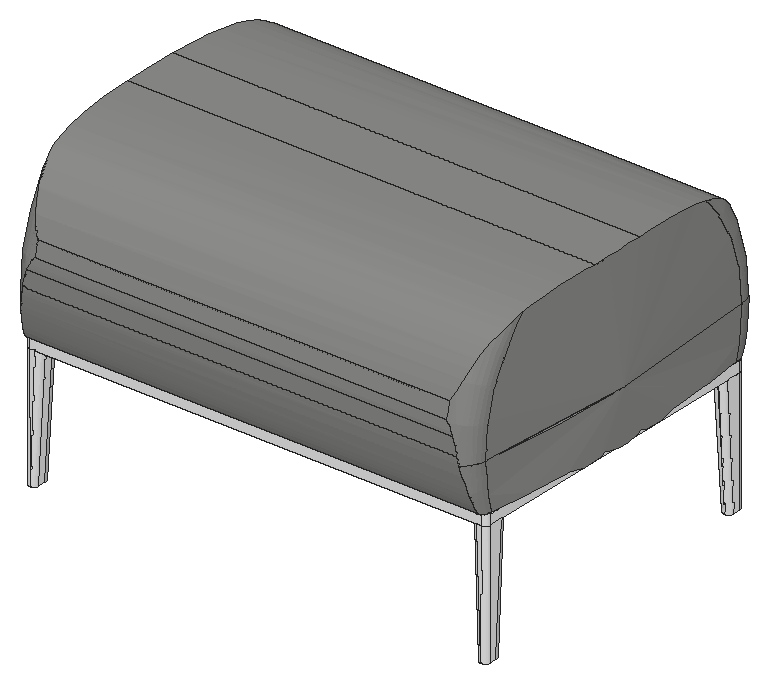
Revit family "Seating-Ottoman-Teknion-BBJR_Jean_Residential-R2013", category Furniture, Revit 2014
Parameters (values of type "Ottoman")
  Width = 2' - 4.127"
  Warranty = "http://www.teknionstudio.com/pdfs/Teknion%20Studio%20Warranty.pdf"
  URL = "http://www.teknionstudio.com"
  Series = "B&B Italia"
  Seat Upholstery Finish [instance] = Fabric - Teknion - V312 - Velvet Underground - Factory Grey
  Product Page URL = "http://teknionstudio.com/jean/"
  Product Line = "Jean Residential"
  Product Documentation Link = "http://www.teknionstudio.com/pricing/BBJR_ppg.pdf"
  Part Number = "BBJR"
  Model = "BBJRB"
  Manufacturer Phone = "919-464-2920"
  Manufacturer Fax = "919-464-2927"
  Manufacturer Email = "customersupport@teknionstudio.com"
  Manufacturer Address = "3953 US 70 Business HWY West, Clayton, NC 27520"
  Manufacturer = "StudioTK"
  Low Emitting Material = yes
  Low Emitting Finish = yes
  Height = 1' - 6.5215"
  Description = "Jean Residential, Ottoman"
  Depth = 1' - 7.642"
  Assembly Code = "E2020200"
Reference planes (in)
  plane 1 "Center F/B": y = 0
  plane 2: z = 0
  plane 3 "Center L/R": x = 0
  plane 4 "Left": x = -14.0635
  plane 5 "Right": x = 14.0635
  plane 6 "Back": y = 9.821
  plane 7 "Front": y = -9.821
  plane 8 "Top": z = 18.5215
  plane 9: z = 8.19
  plane 10: z = 11.19
Forms (in)
  Sweep 1, solid, material "Fabric - Teknion - V312 - Velvet Underground - Factory Grey" <- "Seat Upholstery Finish"
    path origin (0, 0, 0) x (1, 0, 0) y (0, 1, 0)
      loop
        line (-15.7435, 0) -> (15.7435, 0)
    profile origin (0, 0, 0) x (0, 1, 0) y (0, 0, 1)
      loop
        spline (-1.75, 18.5215) -> (-3.66724, 18.48385) -> (-5.24715, 18.36803) -> (-6.53391, 18.16975) -> (-7.57172, 17.88472) -> (-8.4048, 17.50865) -> (-9.07733, 17.03725) -> (-9.63352, 16.46622) -> (-10.11091, 15.79549) -> (-10.50838, 15.04937) -> (-10.81092, 14.26099) -> (-11.00347, 13.46349) -> (-11.071, 12.69)
        line (-11.071, 12.69) -> (-11.071, 11.69)
        spline (-11.071, 11.69) -> (-11.05152, 11.37109) -> (-10.99783, 11.00233) -> (-10.91708, 10.60198) -> (-10.81642, 10.18832) -> (-10.703, 9.77961) -> (-10.58396, 9.39411) -> (-10.46574, 9.04923) -> (-10.34839, 8.75464) -> (-10.2286, 8.5159) -> (-10.10301, 8.33853) -> (-9.96826, 8.22805) -> (-9.821, 8.19)
        line (-9.821, 8.19) -> (9.821, 8.19)
        spline (9.821, 8.19) -> (9.96826, 8.22805) -> (10.10301, 8.33853) -> (10.2286, 8.5159) -> (10.34839, 8.75464) -> (10.46574, 9.04923) -> (10.58396, 9.39411) -> (10.703, 9.77961) -> (10.81642, 10.18832) -> (10.91708, 10.60198) -> (10.99783, 11.00233) -> (11.05152, 11.37109) -> (11.071, 11.69)
        line (11.071, 11.69) -> (11.071, 12.69)
        spline (11.071, 12.69) -> (11.00347, 13.46349) -> (10.81092, 14.26099) -> (10.50838, 15.04937) -> (10.11091, 15.79549) -> (9.63352, 16.46622) -> (9.07733, 17.03725) -> (8.4048, 17.50865) -> (7.57172, 17.88472) -> (6.53391, 18.16975) -> (5.24715, 18.36803) -> (3.66724, 18.48385) -> (1.75, 18.5215)
        line (1.75, 18.5215) -> (-1.75, 18.5215)
  Revolve 2, void
    sketch origin (-22.53491, -180, 11.19) x (-1, 0, 0) y (0, -1, 0)
      loop
        arc (-8.47141, -189.821) -> (-8.88563, -190.821) -> (-9.88563, -191.23521) r 1.41421
        line (-9.88563, -191.23521) -> (-35.1842, -191.23521)
        arc (-35.1842, -191.23521) -> (-36.1842, -190.821) -> (-36.59841, -189.821) r 1.41421
        arc (-36.59841, -189.821) -> (-37.10466, -184.92209) -> (-37.27368, -180) r 71.75597
        line (-37.27368, -180) -> (-39.59841, -180) -> (-39.59841, -192.821) -> (-5.47141, -192.821) -> (-5.47141, -180) -> (-7.79615, -180)
        arc (-7.79615, -180) -> (-7.96517, -184.92209) -> (-8.47141, -189.821) r 71.75597
      axis (-5.47141, -180) -> (-39.59841, -180)
    angle from 0 to 360
Cuts and joins
  Revolve 2 cuts Sweep 1
Lines and regions (in)
  Masking region 1
    outline origin (0, 0, 18.5215) x (-1, 0, 0) y (0, -1, 0)
      loop
        arc (12.9313, -11.00633) -> (13.6598, -10.73415) -> (14.03135, -10.05095) r 1.111
        arc (14.03135, -10.05095) -> (14.73876, 0) -> (14.03135, 10.05095) r 71.75597
        arc (14.03135, 10.05095) -> (13.6598, 10.73415) -> (12.9313, 11.00633) r 1.111
        line (12.9313, 11.00633) -> (-12.9313, 11.00633)
        arc (-12.9313, 11.00633) -> (-13.6598, 10.73415) -> (-14.03135, 10.05095) r 1.111
        arc (-14.03135, 10.05095) -> (-14.73876, 0) -> (-14.03135, -10.05095) r 71.75597
        arc (-14.03135, -10.05095) -> (-13.6598, -10.73415) -> (-12.9313, -11.00633) r 1.111
        line (-12.9313, -11.00633) -> (12.9313, -11.00633)
  symbolic lines, style "Hidden Lines", detail levels medium+fine
    curve 1: arc (-13.5298, 9.0887, 18.5215) -> (-13.61381, 8.87945, 18.5215) -> (-13.81919, 8.78639, 18.5215) r 0.3026
    curve 2: line (-13.5298, 9.5424, 18.5215) -> (-13.5298, 9.0887, 18.5215)
    curve 3: arc (-13.8324, 9.845, 18.5215) -> (-13.61843, 9.75637, 18.5215) -> (-13.5298, 9.5424, 18.5215) r 0.3026
    curve 4: arc (-13.81919, 8.78639, 18.5215) -> (-14.04165, 8.87011, 18.5215) -> (-14.135, 9.0887, 18.5215) r 0.3026
    curve 5: line (-14.135, 9.5424, 18.5215) -> (-14.135, -9.5424, 18.5215)
    curve 6: line (13.8324, 9.845, 18.5215) -> (-13.8324, 9.845, 18.5215)
    curve 7: arc (13.5298, 9.5424, 18.5215) -> (13.61843, 9.75637, 18.5215) -> (13.8324, 9.845, 18.5215) r 0.3026
    curve 8: line (13.5298, 9.0887, 18.5215) -> (13.5298, 9.5424, 18.5215)
    curve 9: arc (13.81919, 8.78639, 18.5215) -> (13.61381, 8.87945, 18.5215) -> (13.5298, 9.0887, 18.5215) r 0.3026
    curve 10: arc (14.135, 9.0887, 18.5215) -> (14.04165, 8.87011, 18.5215) -> (13.81919, 8.78639, 18.5215) r 0.3026
    curve 11: line (14.135, -9.5424, 18.5215) -> (14.135, 9.5424, 18.5215)
    curve 12: arc (13.81919, -8.78639, 18.5215) -> (14.04165, -8.87011, 18.5215) -> (14.135, -9.0887, 18.5215) r 0.3026
    curve 13: arc (13.5298, -9.0887, 18.5215) -> (13.61381, -8.87945, 18.5215) -> (13.81919, -8.78639, 18.5215) r 0.3026
    curve 14: line (13.5298, -9.5424, 18.5215) -> (13.5298, -9.0887, 18.5215)
    curve 15: arc (13.8324, -9.845, 18.5215) -> (13.61843, -9.75637, 18.5215) -> (13.5298, -9.5424, 18.5215) r 0.3026
    curve 16: line (-13.8324, -9.845, 18.5215) -> (13.8324, -9.845, 18.5215)
    curve 17: arc (-13.5298, -9.5424, 18.5215) -> (-13.61843, -9.75637, 18.5215) -> (-13.8324, -9.845, 18.5215) r 0.3026
    curve 18: line (-13.5298, -9.0887, 18.5215) -> (-13.5298, -9.5424, 18.5215)
    curve 19: arc (-13.81919, -8.78639, 18.5215) -> (-13.61381, -8.87945, 18.5215) -> (-13.5298, -9.0887, 18.5215) r 0.3026
    curve 20: arc (-14.135, -9.0887, 18.5215) -> (-14.04165, -8.87011, 18.5215) -> (-13.81919, -8.78639, 18.5215) r 0.3026
    curve 21: arc (-14.135, -9.5424, 18.5215) -> (-14.04637, -9.75637, 18.5215) -> (-13.8324, -9.845, 18.5215) r 0.3026
    curve 22: arc (13.8324, -9.845, 18.5215) -> (14.04637, -9.75637, 18.5215) -> (14.135, -9.5424, 18.5215) r 0.3026
    curve 23: arc (14.135, 9.5424, 18.5215) -> (14.04637, 9.75637, 18.5215) -> (13.8324, 9.845, 18.5215) r 0.3026
    curve 24: arc (-13.8324, 9.845, 18.5215) -> (-14.04637, 9.75637, 18.5215) -> (-14.135, 9.5424, 18.5215) r 0.3026
  symbolic lines, style "Hidden Lines", detail levels fine
    curve 25: arc (-13.20377, 9.44637, 18.5215) -> (-13.30947, 9.71727, 18.5215) -> (-13.57071, 9.845, 18.5215) r 0.4
    curve 26: line (-13.20377, 8.91551, 18.5215) -> (-13.20377, 9.44637, 18.5215)
    curve 27: arc (-13.76677, 8.35251, 18.5215) -> (-13.36867, 8.51741, 18.5215) -> (-13.20377, 8.91551, 18.5215) r 0.563
    curve 28: line (-13.8324, 8.35251, 18.5215) -> (-13.76677, 8.35251, 18.5215)
    curve 29: arc (-14.135, 8.65511, 18.5215) -> (-14.04637, 8.44114, 18.5215) -> (-13.8324, 8.35251, 18.5215) r 0.3026
    curve 30: arc (-13.8324, -8.35251, 18.5215) -> (-14.04637, -8.44114, 18.5215) -> (-14.135, -8.65511, 18.5215) r 0.3026
    curve 31: line (-13.76677, -8.35251, 18.5215) -> (-13.8324, -8.35251, 18.5215)
    curve 32: arc (-13.20377, -8.91551, 18.5215) -> (-13.36867, -8.51741, 18.5215) -> (-13.76677, -8.35251, 18.5215) r 0.563
    curve 33: line (-13.20377, -9.44637, 18.5215) -> (-13.20377, -8.91551, 18.5215)
    curve 34: arc (-13.57071, -9.845, 18.5215) -> (-13.30947, -9.71727, 18.5215) -> (-13.20377, -9.44637, 18.5215) r 0.4
    curve 35: arc (13.20377, -9.44637, 18.5215) -> (13.30947, -9.71727, 18.5215) -> (13.57071, -9.845, 18.5215) r 0.4
    curve 36: line (13.20377, -8.91551, 18.5215) -> (13.20377, -9.44637, 18.5215)
    curve 37: arc (13.76677, -8.35251, 18.5215) -> (13.36867, -8.51741, 18.5215) -> (13.20377, -8.91551, 18.5215) r 0.563
    curve 38: line (13.8324, -8.35251, 18.5215) -> (13.76677, -8.35251, 18.5215)
    curve 39: arc (14.135, -8.65511, 18.5215) -> (14.04637, -8.44114, 18.5215) -> (13.8324, -8.35251, 18.5215) r 0.3026
    curve 40: arc (13.8324, 8.35251, 18.5215) -> (14.04637, 8.44114, 18.5215) -> (14.135, 8.65511, 18.5215) r 0.3026
    curve 41: line (13.76677, 8.35251, 18.5215) -> (13.8324, 8.35251, 18.5215)
    curve 42: arc (13.20377, 8.91551, 18.5215) -> (13.36867, 8.51741, 18.5215) -> (13.76677, 8.35251, 18.5215) r 0.563
    curve 43: line (13.20377, 9.44637, 18.5215) -> (13.20377, 8.91551, 18.5215)
    curve 44: arc (13.57071, 9.845, 18.5215) -> (13.30947, 9.71727, 18.5215) -> (13.20377, 9.44637, 18.5215) r 0.4
Dimensions and locks (in)
  equal spacing: plane 4 "Left", plane 3 "Center L/R", plane 5 "Right"
  equal spacing: plane 6 "Back", plane 1 "Center F/B", plane 7 "Front"
  locked: plane 9 to plane 2 at 8.19
  "Height": plane 8 "Top" to plane 2
  "Width": plane 4 "Left" to plane 5 "Right"
  "Depth": plane 6 "Back" to plane 7 "Front"
  locked: Sweep 1 sketch curve to plane 4 "Left" at 1.68
  locked: plane 5 "Right" to Sweep 1 sketch curve at 1.68
  plane 7 "Front" to Sweep 1 sketch curve = 0' - 1 1/4"
  Sweep 1 sketch curve to plane 6 "Back" = 0' - 1 1/4"
  locked: Revolve 2 sketch curve to plane 4 "Left" at 3
  locked: plane 5 "Right" to Revolve 2 sketch curve at 3
  locked: Revolve 2 sketch curve to plane 6 "Back" at 3
  locked: Revolve 2 sketch curve to plane 6 "Back" at 1.41421
  locked: plane 10 to plane 2 at 11.19
  locked: Masking region 1 sketch curve to plane 6 "Back" at 1.18533
  locked: Masking region 1 sketch curve to plane 7 "Front" at 1.18533
  locked: plane 5 "Right" to Masking region 1 sketch curve at 0.67526
  locked: Masking region 1 sketch curve to plane 4 "Left" at 0.67526
  aligned and locked: level to plane 2
  aligned and locked: plane 1 "Center F/B" to nested 1
  aligned and locked: plane 3 "Center L/R" to nested 1
  aligned and locked: nested 1 to plane 2
  aligned and locked: plane 1 "Center F/B" to Sweep 1 sketch curve
  aligned and locked: Sweep 1 sketch curve to plane 8 "Top"
  aligned and locked: Sweep 1 sketch curve to plane 9
  aligned and locked: Revolve 2 sketch curve to nested 1
  aligned and locked: Revolve 2 sketch curve to plane 1 "Center F/B"  (x2)
  aligned and locked: curve 1 to nested 1
  aligned and locked: curve 3 to nested 1
  aligned and locked: curve 4 to nested 1
  aligned and locked: curve 7 to nested 1
  aligned and locked: curve 9 to nested 1
  aligned and locked: curve 10 to nested 1
  aligned and locked: curve 12 to nested 1
  aligned and locked: curve 13 to nested 1
  aligned and locked: curve 15 to nested 1
  aligned and locked: curve 17 to nested 1
  aligned and locked: curve 19 to nested 1
  aligned and locked: curve 20 to nested 1
  aligned and locked: curve 25 to nested 1
  aligned and locked: curve 27 to nested 1
  aligned and locked: curve 29 to nested 1
  aligned and locked: curve 30 to nested 1
  aligned and locked: curve 32 to nested 1
  aligned and locked: curve 34 to nested 1
  aligned and locked: curve 35 to nested 1
  aligned and locked: curve 37 to nested 1
  aligned and locked: curve 39 to nested 1
  aligned and locked: curve 40 to nested 1
  aligned and locked: curve 42 to nested 1
  aligned and locked: curve 44 to nested 1
Automatic sketch dimensions
  profile plane to Sweep 1 sketch curve = 0' - 9.821"
  level to Sweep 1 sketch curve = 0' - 11.69"
  profile plane to Sweep 1 sketch curve = 0' - 1 3/4"
  Sweep 1 sketch curve to profile plane = 0' - 1 3/4"
  Sweep 1 sketch curve to Sweep 1 sketch curve = 0' - 1 1/4"
  Sweep 1 sketch curve to Sweep 1 sketch curve = 0' - 3 1/2"
  Sweep 1 sketch curve to Sweep 1 sketch curve = 0' - 1"  (x2)
  Revolve 2 sketch curve to plane 5 "Right" = 0' - 0"
  Revolve 2 sketch curve to plane 6 "Back" = 0' - 0"  (x2)
  Revolve 2 sketch curve to plane 4 "Left" = 0' - 0"
  Revolve 2 sketch curve to Revolve 2 sketch curve = 0' - 2.32474"
  plane 3 "Center L/R" to Revolve 2 sketch curve = 1' - 2.73876"
  plane 5 "Right" to Revolve 2 sketch curve = 0' - 0.0715"
  Revolve 2 sketch curve to plane 4 "Left" = 0' - 0.0715"
  Masking region 1 sketch curve to plane 5 "Right" = 0' - 1.1322"  (x2)
  plane 1 "Center F/B" to Masking region 1 sketch curve = 0' - 0"  (x2)
  plane 4 "Left" to Masking region 1 sketch curve = 0' - 1.1322"  (x2)
  plane 5 "Right" to Masking region 1 sketch curve = 3' - 6.95371"
  Masking region 1 sketch curve to plane 5 "Right" = 0' - 0.03215"  (x2)
  Masking region 1 sketch curve to Masking region 1 sketch curve = 0' - 0"
  plane 4 "Left" to Masking region 1 sketch curve = 0' - 0.03215"  (x2)
  plane 4 "Left" to curve 1 = 0' - 0.24431"
  curve 9 to plane 5 "Right" = 0' - 0.24431"
  curve 12 to plane 5 "Right" = 0' - 0.24431"
  curve 16 to curve 15 = 0' - 0"
  curve 16 to curve 17 = 0' - 0"  (x2)
  plane 4 "Left" to curve 19 = 0' - 0.24431"
  curve 3 to curve 24 = 0' - 0"  (x2)
  curve 7 to curve 23 = 0' - 0"
Nested families (in)
  nested 1: "Frame-Teknion-Jean_Residential" at (0, 0, 0), type "Ottoman Frame"
Definition of nested family "Frame-Teknion-Jean_Residential"
  Parameters (values of type "Ottoman Frame")
    Width = 2' - 4.27"
    Height = 0' - 8.19"
    Frame Finish = Metal - Teknion - C9 - Polished Aluminum
    Depth = 1' - 7.69"
  Reference planes (in)
    plane 1 "Center (Front/Back)": y = 0
    plane 2: z = 0
    plane 3 "Center (Left/Right)": x = 0
    plane 4: y = 9.845
    plane 5: y = -9.845
    plane 6: x = -14.135
    plane 7: x = 14.135
    plane 8: z = 8.19
    plane 9: z = 7.55932
  Forms (in)
    Blend 1, solid, material "Metal - Teknion - C9 - Polished Aluminum" <- "Frame Finish"
      base sketch origin (0, 0, 0) x (1, 0, 0) y (0, 1, 0)
        loop
          arc (-14.135, -9.5424) -> (-14.03493, -9.76723) -> (-13.80091, -9.84336) r 0.3026
          arc (-13.80091, -9.84336) -> (-13.60757, -9.74493) -> (-13.5298, -9.5424) r 0.3026
          line (-13.5298, -9.5424) -> (-13.5298, -9.0887)
          arc (-13.5298, -9.0887) -> (-13.61381, -8.87945) -> (-13.81919, -8.78639) r 0.3026
          arc (-13.81919, -8.78639) -> (-14.04165, -8.87011) -> (-14.135, -9.0887) r 0.3026
          line (-14.135, -9.0887) -> (-14.135, -9.5424)
      top sketch origin (0, 0, 0) x (1, 0, 0) y (0, 1, 0)
        loop
          arc (-14.135, -9.5424) -> (-14.04637, -9.75637) -> (-13.8324, -9.845) r 0.3026
          line (-13.8324, -9.845) -> (-13.57071, -9.845)
          arc (-13.57071, -9.845) -> (-13.30947, -9.71727) -> (-13.20377, -9.44637) r 0.4
          line (-13.20377, -9.44637) -> (-13.20377, -8.91551)
          arc (-13.20377, -8.91551) -> (-13.36867, -8.51741) -> (-13.76677, -8.35251) r 0.563
          line (-13.76677, -8.35251) -> (-13.8324, -8.35251)
          arc (-13.8324, -8.35251) -> (-14.04637, -8.44114) -> (-14.135, -8.65511) r 0.3026
          line (-14.135, -8.65511) -> (-14.135, -9.5424)
      from 0 to 7.55932
    Extrusion 2, solid, material "Metal - Teknion - C9 - Polished Aluminum" <- "Frame Finish"
      sketch origin (0, 0, 0) x (1, 0, 0) y (0, 1, 0)
        loop
          arc (-13.8324, 9.845) -> (-14.04637, 9.75637) -> (-14.135, 9.5424) r 0.3026
          line (-14.135, 9.5424) -> (-14.135, -9.5424)
          arc (-14.135, -9.5424) -> (-14.04637, -9.75637) -> (-13.8324, -9.845) r 0.3026
          line (-13.8324, -9.845) -> (13.8324, -9.845)
          arc (13.8324, -9.845) -> (14.04637, -9.75637) -> (14.135, -9.5424) r 0.3026
          line (14.135, -9.5424) -> (14.135, 9.5424)
          arc (14.135, 9.5424) -> (14.04637, 9.75637) -> (13.8324, 9.845) r 0.3026
          line (13.8324, 9.845) -> (-13.8324, 9.845)
        loop
          line (-12.7446, -8.44625) -> (12.7446, -8.44625) -> (12.7446, 8.44858) -> (-12.7446, 8.44858) -> (-12.7446, -8.44625)
      from 7.55932 to 8.19
    Blend 3, solid, material "Metal - Teknion - C9 - Polished Aluminum" <- "Frame Finish"
      base sketch origin (0, 0, 0) x (-1, 0, 0) y (0, -1, 0)
        loop
          line (-14.135, 9.5424) -> (-14.135, 9.0887)
          arc (-14.135, 9.0887) -> (-14.04165, 8.87011) -> (-13.81919, 8.78639) r 0.3026
          arc (-13.81919, 8.78639) -> (-13.61381, 8.87945) -> (-13.5298, 9.0887) r 0.3026
          line (-13.5298, 9.0887) -> (-13.5298, 9.5424)
          arc (-13.5298, 9.5424) -> (-13.60757, 9.74493) -> (-13.80091, 9.84336) r 0.3026
          arc (-13.80091, 9.84336) -> (-14.03493, 9.76723) -> (-14.135, 9.5424) r 0.3026
      top sketch origin (0, 0, 0) x (-1, 0, 0) y (0, -1, 0)
        loop
          line (-14.135, 9.5424) -> (-14.135, 8.65511)
          arc (-14.135, 8.65511) -> (-14.04637, 8.44114) -> (-13.8324, 8.35251) r 0.3026
          line (-13.8324, 8.35251) -> (-13.76677, 8.35251)
          arc (-13.76677, 8.35251) -> (-13.36867, 8.51741) -> (-13.20377, 8.91551) r 0.563
          line (-13.20377, 8.91551) -> (-13.20377, 9.44637)
          arc (-13.20377, 9.44637) -> (-13.30947, 9.71727) -> (-13.57071, 9.845) r 0.4
          line (-13.57071, 9.845) -> (-13.8324, 9.845)
          arc (-13.8324, 9.845) -> (-14.04637, 9.75637) -> (-14.135, 9.5424) r 0.3026
      from 0 to 7.55932
    Blend 4, solid, material "Metal - Teknion - C9 - Polished Aluminum" <- "Frame Finish"
      base sketch origin (0, 0, 0) x (1, 0, 0) y (0, 1, 0)
        loop
          line (-14.135, 9.5424) -> (-14.135, 9.0887)
          arc (-14.135, 9.0887) -> (-14.04165, 8.87011) -> (-13.81919, 8.78639) r 0.3026
          arc (-13.81919, 8.78639) -> (-13.61381, 8.87945) -> (-13.5298, 9.0887) r 0.3026
          line (-13.5298, 9.0887) -> (-13.5298, 9.5424)
          arc (-13.5298, 9.5424) -> (-13.60757, 9.74493) -> (-13.80091, 9.84336) r 0.3026
          arc (-13.80091, 9.84336) -> (-14.03493, 9.76723) -> (-14.135, 9.5424) r 0.3026
      top sketch origin (0, 0, 0) x (1, 0, 0) y (0, 1, 0)
        loop
          line (-14.135, 9.5424) -> (-14.135, 8.65511)
          arc (-14.135, 8.65511) -> (-14.04637, 8.44114) -> (-13.8324, 8.35251) r 0.3026
          line (-13.8324, 8.35251) -> (-13.76677, 8.35251)
          arc (-13.76677, 8.35251) -> (-13.36867, 8.51741) -> (-13.20377, 8.91551) r 0.563
          line (-13.20377, 8.91551) -> (-13.20377, 9.44637)
          arc (-13.20377, 9.44637) -> (-13.30947, 9.71727) -> (-13.57071, 9.845) r 0.4
          line (-13.57071, 9.845) -> (-13.8324, 9.845)
          arc (-13.8324, 9.845) -> (-14.04637, 9.75637) -> (-14.135, 9.5424) r 0.3026
      from 0 to 7.55932
    Blend 5, solid, material "Metal - Teknion - C9 - Polished Aluminum" <- "Frame Finish"
      base sketch origin (0, 0, 0) x (-1, 0, 0) y (0, -1, 0)
        loop
          arc (-14.135, -9.5424) -> (-14.03493, -9.76723) -> (-13.80091, -9.84336) r 0.3026
          arc (-13.80091, -9.84336) -> (-13.60757, -9.74493) -> (-13.5298, -9.5424) r 0.3026
          line (-13.5298, -9.5424) -> (-13.5298, -9.0887)
          arc (-13.5298, -9.0887) -> (-13.61381, -8.87945) -> (-13.81919, -8.78639) r 0.3026
          arc (-13.81919, -8.78639) -> (-14.04165, -8.87011) -> (-14.135, -9.0887) r 0.3026
          line (-14.135, -9.0887) -> (-14.135, -9.5424)
      top sketch origin (0, 0, 0) x (-1, 0, 0) y (0, -1, 0)
        loop
          arc (-14.135, -9.5424) -> (-14.04637, -9.75637) -> (-13.8324, -9.845) r 0.3026
          line (-13.8324, -9.845) -> (-13.57071, -9.845)
          arc (-13.57071, -9.845) -> (-13.30947, -9.71727) -> (-13.20377, -9.44637) r 0.4
          line (-13.20377, -9.44637) -> (-13.20377, -8.91551)
          arc (-13.20377, -8.91551) -> (-13.36867, -8.51741) -> (-13.76677, -8.35251) r 0.563
          line (-13.76677, -8.35251) -> (-13.8324, -8.35251)
          arc (-13.8324, -8.35251) -> (-14.04637, -8.44114) -> (-14.135, -8.65511) r 0.3026
          line (-14.135, -8.65511) -> (-14.135, -9.5424)
      from 0 to 7.55932
  Dimensions and locks (in)
    equal spacing: plane 6, plane 3 "Center (Left/Right)", plane 7
    "Width": plane 6 to plane 7
    equal spacing: plane 4, plane 1 "Center (Front/Back)", plane 5
    "Depth": plane 4 to plane 5
    "Height": plane 8 to plane 2
    locked: plane 8 to plane 9 at 0.63068
    locked: Extrusion 2 sketch curve to plane 5 at 0.3026  (x2)
    locked: plane 6 to Extrusion 2 sketch curve at 0.3026  (x2)
    locked: Extrusion 2 sketch curve to plane 7 at 0.3026  (x2)
    locked: plane 4 to Extrusion 2 sketch curve at 0.3026  (x2)
    locked: plane 6 to Extrusion 2 sketch curve at 1.3904
    locked: Extrusion 2 sketch curve to plane 7 at 1.3904
    locked: plane 4 to Extrusion 2 sketch curve at 1.39642
    locked: Extrusion 2 sketch curve to plane 5 at 1.39875
    Blend 1 sketch curve to Blend 1 sketch curve to plane 5 = 0' - 0.4537" locked, 0' - 0.3026" locked
    plane 6 to Blend 1 sketch curve to Blend 1 sketch curve = 0' - 0.3026" locked, 0' - 0" locked
    locked: plane 6 to Blend 1 sketch curve at 0.6052
    locked: Blend 1 sketch curve to plane 5 at 0.3026
    locked: Blend 1 sketch curve to plane 5 at 1.18989
    locked: plane 6 to Blend 1 sketch curve at 0.3026  (x2)
    locked: plane 6 to Blend 1 sketch curve at 0.53123
    locked: Blend 1 sketch curve to plane 5 at 0.39863
    locked: plane 6 to Blend 1 sketch curve at 0.36823
    locked: Blend 1 sketch curve to plane 5 at 0.92949
    locked: Blend 3 sketch curve to plane 5 at 0.3026  (x2)
    locked: Blend 3 sketch curve to plane 5 at 0.7563
    locked: Blend 3 sketch curve to plane 7 at 0.3026  (x4)
    locked: Blend 3 sketch curve to plane 7 at 0.6052
    locked: Blend 3 sketch curve to plane 5 at 0.39863
    locked: Blend 3 sketch curve to plane 5 at 0.92949
    locked: Blend 3 sketch curve to plane 5 at 1.18989
    locked: Blend 3 sketch curve to plane 7 at 0.36823
    locked: Blend 3 sketch curve to plane 7 at 0.53123
    locked: Blend 3 sketch curve to plane 7 at 0.93123
    locked: plane 6 to Blend 4 sketch curve at 0.6052
    locked: plane 6 to Blend 4 sketch curve at 0.3026  (x4)
    locked: plane 4 to Blend 4 sketch curve at 0.3026  (x2)
    locked: plane 4 to Blend 4 sketch curve at 0.7563
    locked: plane 4 to Blend 4 sketch curve at 0.39863
    locked: plane 4 to Blend 4 sketch curve at 0.92949
    locked: plane 4 to Blend 4 sketch curve at 1.18989
    locked: plane 6 to Blend 4 sketch curve at 0.53123
    locked: plane 6 to Blend 4 sketch curve at 0.36823
    locked: plane 6 to Blend 4 sketch curve at 0.93123
    locked: plane 4 to Blend 5 sketch curve at 0.3026  (x2)
    locked: plane 4 to Blend 5 sketch curve at 0.7563
    locked: Blend 5 sketch curve to plane 7 at 0.3026  (x4)
    locked: Blend 5 sketch curve to plane 7 at 0.6052
    locked: plane 4 to Blend 5 sketch curve at 0.39863
    locked: plane 4 to Blend 5 sketch curve at 0.92949
    locked: plane 4 to Blend 5 sketch curve at 1.18989
    locked: Blend 5 sketch curve to plane 7 at 0.36823
    locked: Blend 5 sketch curve to plane 7 at 0.53123
    locked: Blend 5 sketch curve to plane 7 at 0.93123
    aligned and locked: level to plane 2
    aligned and locked: Extrusion 2 sketch curve to plane 4
    aligned and locked: plane 7 to Extrusion 2 sketch curve
    aligned and locked: Extrusion 2 sketch curve to plane 5
    aligned and locked: Extrusion 2 to plane 8
    aligned and locked: Blend 1 sketch curve to plane 6
    aligned and locked: Blend 4 to plane 9
    aligned and locked: Blend 5 to plane 9
    aligned and locked: Blend 3 to plane 9
    aligned and locked: Blend 1 to plane 9
    aligned and locked: Blend 5 to plane 2
    aligned and locked: Blend 4 to plane 2
    aligned and locked: Blend 3 to plane 2
    aligned and locked: Blend 1 to plane 2
    aligned and locked: plane 9 to Extrusion 2
  Automatic sketch dimensions
    Blend 1 sketch curve to Blend 1 sketch curve = 0' - 0"  (x4)
    Blend 1 sketch curve to Blend 1 sketch curve = 0' - 0.01321"
    Blend 1 sketch curve to plane 5 = 0' - 0.00164"
    Blend 3 sketch curve to Blend 3 sketch curve = 0' - 0"  (x4)
    Blend 3 sketch curve to Blend 3 sketch curve = 0' - 0.01321"
    plane 5 to Blend 3 sketch curve = 0' - 0.00164"
    Blend 4 sketch curve to Blend 4 sketch curve = 0' - 0"  (x4)
    Blend 4 sketch curve to Blend 4 sketch curve = 0' - 0.01321"
    Blend 4 sketch curve to plane 4 = 0' - 0.00164"
    Blend 5 sketch curve to Blend 5 sketch curve = 0' - 0"  (x4)
    Blend 5 sketch curve to Blend 5 sketch curve = 0' - 0.01321"
    plane 4 to Blend 5 sketch curve = 0' - 0.00164"
